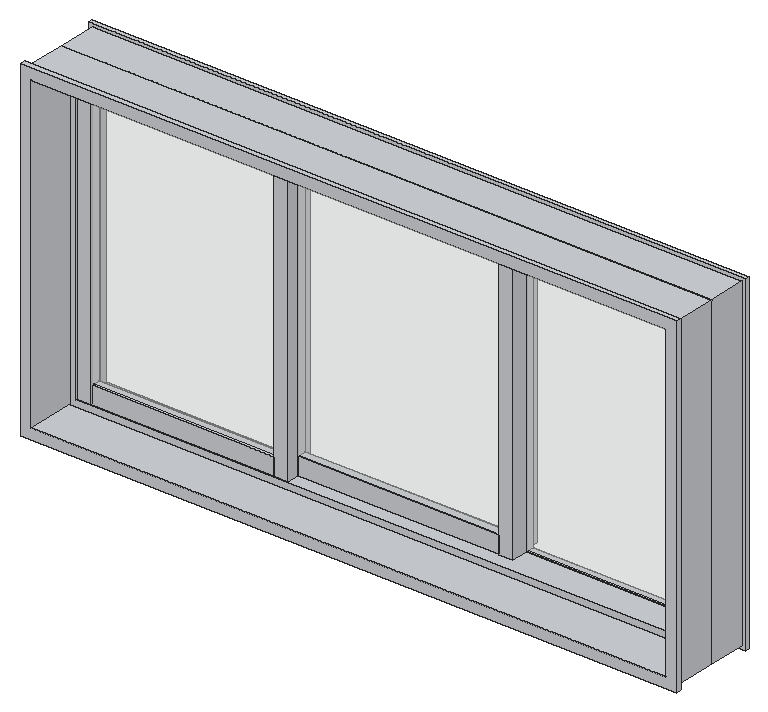
Revit family "APL Residential Thermal Heart Sliding Window SSF", category Windows, host Wall, Revit 2017 (continued)
Definition of nested family "APL Residential Thermal Heart Sliding Window SSF Horizontal Section"
  Definition of nested family "Heavy Duty Interlocker"
    Definition of nested family "65500_Interlocker Stile"
      Lines and regions (mm)
        model lines, in view "Ref. Level"
          curve 177: line (-4.4, 7.8, 0) -> (-4.4, 7.55, 0)
          curve 178: line (-3.831, 7.691, 0) -> (-2.577, 8.456, 0)
          curve 179: line (-2.577, 8.456, 0) -> (-1.9, 8.5, 0)
          curve 180: line (-1.706, 8.25, 0) -> (-1.894, 7.525, 0)
          curve 181: line (-1.894, 7.525, 0) -> (-1.9, 4.247, 0)
          curve 182: line (-2.154, 3.5, 0) -> (-4.221, 4.043, 0)
          curve 183: line (-4.221, 4.043, 0) -> (-4.407, 4.352, 0)
          curve 184: line (-4.741, 4.441, 0) -> (-5.105, 4.078, 0)
          curve 185: line (-5.192, 3.892, 0) -> (-5.399, 1.526, 0)
          curve 186: line (-4.997, 1.218, 0) -> (-3.587, 1.732, 0)
          curve 187: line (-2.817, 2, 0) -> (-2.1, 2, 0)
          curve 188: line (-1.9, 1.8, 0) -> (-1.9, 1, 0)
          curve 189: line (-0.9, 0, 0) -> (-0.5, 0, 0)
          curve 190: line (0, 0.5, 0) -> (0, 43, 0)
          curve 191: line (-1, 44, 0) -> (-52.375, 44, 0)
          curve 192: line (-52.375, 43.25, 0) -> (-52, 43.25, 0)
          curve 193: line (-52, 43.25, 0) -> (-52, 42.15, 0)
          curve 194: line (-51.8, 41.95, 0) -> (-50.962, 41.95, 0)
          curve 195: line (-50.962, 41.95, 0) -> (-50.962, 40.688, 0)
          curve 196: line (-50.797, 40.488, 0) -> (-49.444, 40.25, 0)
          curve 197: line (-49.444, 40.25, 0) -> (-48.613, 40.25, 0)
          curve 198: line (-48.42, 40.502, 0) -> (-48.808, 41.948, 0)
          curve 199: line (-48.615, 42.2, 0) -> (-33.498, 42.2, 0)
          curve 200: line (-32.998, 41.7, 0) -> (-32.998, 35.05, 0)
          curve 201: line (-32.798, 34.85, 0) -> (-26.398, 34.85, 0)
          curve 202: line (-26.198, 34.65, 0) -> (-26.198, 29.353, 0)
          curve 203: line (-26.398, 29.15, 0) -> (-32.798, 29.15, 0)
          curve 204: line (-32.998, 28.95, 0) -> (-32.998, 26.333, 0)
          curve 205: line (-33.266, 25.563, 0) -> (-33.78, 24.153, 0)
          curve 206: line (-33.472, 23.751, 0) -> (-31.106, 23.958, 0)
          curve 207: line (-30.92, 24.045, 0) -> (-30.556, 24.409, 0)
          curve 208: line (-30.646, 24.743, 0) -> (-30.813, 24.788, 0)
          curve 209: line (-30.813, 24.788, 0) -> (-31.487, 26.918, 0)
          curve 210: line (-31.487, 26.918, 0) -> (-31.498, 27.15, 0)
          curve 211: line (-30.75, 27.25, 0) -> (-27.523, 27.25, 0)
          curve 212: line (-27.523, 27.25, 0) -> (-26.748, 27.444, 0)
          curve 213: line (-26.498, 27.25, 0) -> (-26.498, 26.729, 0)
          curve 214: line (-26.498, 26.729, 0) -> (-27.307, 25.319, 0)
          curve 215: line (-27.448, 24.75, 0) -> (-25.098, 24.75, 0)
          curve 216: line (-24.598, 25.25, 0) -> (-24.598, 36.25, 0)
          curve 217: line (-24.798, 36.45, 0) -> (-31.197, 36.45, 0)
          curve 218: arc (-31.197, 36.45, 0) -> (-31.339, 36.508, 0) -> (-31.398, 36.65, 0) r 0.2
          curve 219: arc (-27.398, 12.45, 0) -> (-27.115, 12.567, 0) -> (-26.998, 12.85, 0) r 0.4
          curve 220: arc (-26.998, 13.143, 0) -> (-27.011, 13.246, 0) -> (-27.052, 13.343, 0) r 0.4
          curve 221: arc (-27.936, 14.871, 0) -> (-28.057, 15.161, 0) -> (-28.098, 15.472, 0) r 1.2
          curve 222: arc (-28.098, 16.395, 0) -> (-28.279, 16.968, 0) -> (-28.756, 17.334, 0) r 1
          curve 223: arc (-30.935, 18.127, 0) -> (-31.125, 18.274, 0) -> (-31.198, 18.503, 0) r 0.4
          curve 224: arc (-31.198, 21.197, 0) -> (-31.125, 21.426, 0) -> (-30.935, 21.573, 0) r 0.4
          curve 225: arc (-28.756, 22.366, 0) -> (-28.279, 22.732, 0) -> (-28.098, 23.305, 0) r 1
          curve 226: arc (-28.098, 24.228, 0) -> (-28.057, 24.539, 0) -> (-27.936, 24.829, 0) r 1.2
          curve 227: arc (-27.052, 26.357, 0) -> (-27.011, 26.454, 0) -> (-26.998, 26.557, 0) r 0.4
          curve 228: arc (-26.998, 26.85, 0) -> (-27.115, 27.133, 0) -> (-27.398, 27.25, 0) r 0.4
          curve 229: arc (-30.798, 27.25, 0) -> (-31.081, 27.133, 0) -> (-31.198, 26.85, 0) r 0.4
          curve 230: arc (-31.198, 26.557, 0) -> (-31.184, 26.454, 0) -> (-31.144, 26.357, 0) r 0.4
          curve 231: arc (-30.259, 24.829, 0) -> (-30.138, 24.535, 0) -> (-30.098, 24.22, 0) r 1.2
          curve 232: arc (-30.098, 24.22, 0) -> (-30.151, 24.045, 0) -> (-30.295, 23.934, 0) r 0.3
          curve 233: arc (-32.735, 23.046, 0) -> (-32.925, 22.899, 0) -> (-32.998, 22.67, 0) r 0.4
          curve 234: arc (-32.998, 17.03, 0) -> (-32.925, 16.801, 0) -> (-32.735, 16.654, 0) r 0.4
          curve 235: arc (-30.295, 15.766, 0) -> (-30.151, 15.655, 0) -> (-30.098, 15.48, 0) r 0.3
          curve 236: arc (-30.098, 15.48, 0) -> (-30.138, 15.165, 0) -> (-30.259, 14.871, 0) r 1.2
          curve 237: arc (-31.144, 13.343, 0) -> (-31.184, 13.246, 0) -> (-31.198, 13.143, 0) r 0.4
          curve 238: arc (-31.198, 12.85, 0) -> (-31.081, 12.567, 0) -> (-30.798, 12.45, 0) r 0.4
          curve 239: line (-26.998, 12.85, 0) -> (-26.998, 13.143, 0)
          curve 240: line (-27.052, 13.343, 0) -> (-27.936, 14.871, 0)
          curve 241: line (-28.098, 15.472, 0) -> (-28.098, 16.395, 0)
          curve 242: line (-28.756, 17.334, 0) -> (-30.935, 18.127, 0)
          curve 243: line (-31.198, 18.503, 0) -> (-31.198, 21.197, 0)
          curve 244: line (-30.935, 21.573, 0) -> (-28.756, 22.366, 0)
          curve 245: line (-28.098, 23.305, 0) -> (-28.098, 24.228, 0)
          curve 246: line (-27.936, 24.829, 0) -> (-27.052, 26.357, 0)
          curve 247: line (-26.998, 26.557, 0) -> (-26.998, 26.85, 0)
          curve 248: line (-27.398, 27.25, 0) -> (-30.798, 27.25, 0)
          curve 249: line (-31.198, 26.85, 0) -> (-31.198, 26.557, 0)
          curve 250: line (-31.144, 26.357, 0) -> (-30.259, 24.829, 0)
          curve 251: line (-30.295, 23.934, 0) -> (-32.735, 23.046, 0)
          curve 252: line (-32.998, 22.67, 0) -> (-32.998, 17.03, 0)
          curve 253: line (-32.735, 16.654, 0) -> (-30.295, 15.766, 0)
          curve 254: line (-30.259, 14.871, 0) -> (-31.144, 13.343, 0)
          curve 255: line (-31.198, 13.143, 0) -> (-31.198, 12.85, 0)
          curve 256: line (-30.798, 12.45, 0) -> (-27.398, 12.45, 0)
          curve 257: arc (-16.7, 4.122, 0) -> (-16.583, 3.839, 0) -> (-16.3, 3.722, 0) r 0.4
          curve 258: arc (-16.007, 3.722, 0) -> (-15.904, 3.736, 0) -> (-15.807, 3.776, 0) r 0.4
          curve 259: arc (-14.279, 4.66, 0) -> (-13.989, 4.781, 0) -> (-13.678, 4.822, 0) r 1.2
          curve 260: arc (-12.755, 4.822, 0) -> (-12.182, 5.003, 0) -> (-11.816, 5.48, 0) r 1
          curve 261: arc (-11.023, 7.659, 0) -> (-10.876, 7.849, 0) -> (-10.647, 7.922, 0) r 0.4
          curve 262: arc (-7.953, 7.922, 0) -> (-7.724, 7.849, 0) -> (-7.577, 7.659, 0) r 0.4
          curve 263: arc (-6.784, 5.48, 0) -> (-6.418, 5.003, 0) -> (-5.845, 4.822, 0) r 1
          curve 264: arc (-4.922, 4.822, 0) -> (-4.611, 4.781, 0) -> (-4.321, 4.66, 0) r 1.2
          curve 265: arc (-2.793, 3.776, 0) -> (-2.696, 3.736, 0) -> (-2.593, 3.722, 0) r 0.4
          curve 266: arc (-2.3, 3.722, 0) -> (-2.017, 3.839, 0) -> (-1.9, 4.122, 0) r 0.4
          curve 267: arc (-1.9, 7.522, 0) -> (-2.017, 7.805, 0) -> (-2.3, 7.922, 0) r 0.4
          curve 268: arc (-2.593, 7.922, 0) -> (-2.696, 7.908, 0) -> (-2.793, 7.868, 0) r 0.4
          curve 269: arc (-4.321, 6.983, 0) -> (-4.615, 6.862, 0) -> (-4.93, 6.822, 0) r 1.2
          curve 270: arc (-4.93, 6.822, 0) -> (-5.105, 6.875, 0) -> (-5.216, 7.019, 0) r 0.3
          curve 271: arc (-6.104, 9.459, 0) -> (-6.251, 9.649, 0) -> (-6.48, 9.722, 0) r 0.4
          curve 272: arc (-12.12, 9.722, 0) -> (-12.349, 9.649, 0) -> (-12.496, 9.459, 0) r 0.4
          curve 273: arc (-13.384, 7.019, 0) -> (-13.495, 6.875, 0) -> (-13.67, 6.822, 0) r 0.3
          curve 274: arc (-13.67, 6.822, 0) -> (-13.985, 6.862, 0) -> (-14.279, 6.983, 0) r 1.2
          curve 275: arc (-15.807, 7.868, 0) -> (-15.904, 7.908, 0) -> (-16.007, 7.922, 0) r 0.4
          curve 276: arc (-16.3, 7.922, 0) -> (-16.583, 7.805, 0) -> (-16.7, 7.522, 0) r 0.4
          curve 277: line (-16.3, 3.722, 0) -> (-16.007, 3.722, 0)
          curve 278: line (-15.807, 3.776, 0) -> (-14.279, 4.66, 0)
          curve 279: line (-13.678, 4.822, 0) -> (-12.755, 4.822, 0)
          curve 280: line (-11.816, 5.48, 0) -> (-11.023, 7.659, 0)
          curve 281: line (-10.647, 7.922, 0) -> (-7.953, 7.922, 0)
          curve 282: line (-7.577, 7.659, 0) -> (-6.784, 5.48, 0)
          curve 283: line (-5.845, 4.822, 0) -> (-4.922, 4.822, 0)
          curve 284: line (-4.321, 4.66, 0) -> (-2.793, 3.776, 0)
          curve 285: line (-2.593, 3.722, 0) -> (-2.3, 3.722, 0)
          curve 286: line (-1.9, 4.122, 0) -> (-1.9, 7.522, 0)
          curve 287: line (-2.3, 7.922, 0) -> (-2.593, 7.922, 0)
          curve 288: line (-2.793, 7.868, 0) -> (-4.321, 6.983, 0)
          curve 289: line (-5.216, 7.019, 0) -> (-6.104, 9.459, 0)
          curve 290: line (-6.48, 9.722, 0) -> (-12.12, 9.722, 0)
          curve 291: line (-12.496, 9.459, 0) -> (-13.384, 7.019, 0)
          curve 292: line (-14.279, 6.983, 0) -> (-15.807, 7.868, 0)
          curve 293: line (-16.007, 7.922, 0) -> (-16.3, 7.922, 0)
          curve 294: line (-16.7, 7.522, 0) -> (-16.7, 4.122, 0)
      Text (mm)
        text "65500" at (-34.845, 58.95, 0), in view "Ref. Level"
    Definition of nested family "65430_Interlocker Mullion"
      Reference planes
        plane 1 "Center (Front/Back)": y = 0
        plane 2: z = 0
        plane 3 "Center (Left/Right)": x = 0
      Lines and regions (mm)
        model lines, in view "Ref. Level"
          curve 1: arc (-22, -68.499, 0) -> (-21.854, -68.853, 0) -> (-21.5, -69, 0) r 0.5
          curve 2: arc (-18.7, -69, 0) -> (-18.346, -69.146, 0) -> (-18.2, -69.5, 0) r 0.5
          curve 3: arc (-18.2, -70, 0) -> (-18.346, -70.354, 0) -> (-18.7, -70.5, 0) r 0.5
          curve 4: arc (-20.5, -70.5, 0) -> (-21.207, -70.793, 0) -> (-21.5, -71.5, 0) r 1
          curve 5: arc (-21.5, -103, 0) -> (-21.207, -103.707, 0) -> (-20.5, -104, 0) r 1
          curve 6: arc (-2.5, -104, 0) -> (-1.793, -103.707, 0) -> (-1.5, -103, 0) r 1
          curve 7: arc (-2.139, -60.635, 0) -> (-2.453, -59.97, 0) -> (-3.137, -59.7, 0) r 1
          curve 8: arc (-21.001, -59.7, 0) -> (-21.707, -59.993, 0) -> (-22, -60.7, 0) r 1
          curve 9: arc (-2.656, -39.952, 0) -> (-2.153, -39.947, 0) -> (-1.9, -40.381, 0) r 0.5
          curve 10: arc (-2.144, -56.86, 0) -> (-2.456, -57.528, 0) -> (-3.142, -57.8, 0) r 1
          curve 11: arc (-24.1, -57.8, 0) -> (-24.454, -57.654, 0) -> (-24.6, -57.3, 0) r 0.5
          curve 12: arc (-24.6, -55.802, 0) -> (-24.746, -55.447, 0) -> (-25.1, -55.3, 0) r 0.5
          curve 13: arc (-27.449, -55.3, 0) -> (-27.668, -55.427, 0) -> (-27.663, -55.68, 0) r 0.25
          curve 14: arc (-27.611, -55.766, 0) -> (-27.479, -55.872, 0) -> (-27.309, -55.869, 0) r 0.25
          curve 15: arc (-26.544, -57.122, 0) -> (-26.511, -57.198, 0) -> (-26.5, -57.279, 0) r 0.3
          curve 16: arc (-26.5, -57.8, 0) -> (-26.578, -57.958, 0) -> (-26.75, -57.994, 0) r 0.2
          curve 17: arc (-30.753, -57.8, 0) -> (-30.875, -57.826, 0) -> (-30.976, -57.9, 0) r 0.3
          curve 18: arc (-30.976, -57.9, 0) -> (-31.307, -57.98, 0) -> (-31.5, -57.7, 0) r 0.3
          curve 19: arc (-30.957, -55.479, 0) -> (-30.905, -55.39, 0) -> (-30.816, -55.338, 0) r 0.2
          curve 20: arc (-30.648, -55.293, 0) -> (-30.507, -55.152, 0) -> (-30.559, -54.959, 0) r 0.2
          curve 21: arc (-30.922, -54.595, 0) -> (-31.008, -54.535, 0) -> (-31.108, -54.508, 0) r 0.3
          curve 22: arc (-33.474, -54.301, 0) -> (-33.738, -54.417, 0) -> (-33.782, -54.703, 0) r 0.3
          curve 23: arc (-33.268, -56.113, 0) -> (-33.181, -56.239, 0) -> (-33.043, -56.305, 0) r 0.3
          curve 24: arc (-33.043, -56.305, 0) -> (-32.801, -56.578, 0) -> (-33, -56.883, 0) r 0.3
          curve 25: arc (-33, -61, 0) -> (-32.941, -61.141, 0) -> (-32.8, -61.2, 0) r 0.2
          curve 26: arc (-32.5, -61.2, 0) -> (-32.2, -61.12, 0) -> (-31.98, -60.9, 0) r 0.6
          curve 27: arc (-31.345, -59.8, 0) -> (-31.272, -59.727, 0) -> (-31.172, -59.7, 0) r 0.2
          curve 28: arc (-25, -59.7, 0) -> (-24.293, -59.993, 0) -> (-24, -60.7, 0) r 1
          curve 29: arc (-24, -68.037, 0) -> (-24.286, -68.737, 0) -> (-24.98, -69.037, 0) r 1
          curve 30: arc (-31.935, -69.178, 0) -> (-32.052, -69.143, 0) -> (-32.127, -69.047, 0) r 0.2
          curve 31: arc (-32.127, -69.047, 0) -> (-32.234, -68.879, 0) -> (-32.403, -68.775, 0) r 0.45
          curve 32: arc (-32.403, -68.775, 0) -> (-32.522, -68.771, 0) -> (-32.621, -68.835, 0) r 0.2
          curve 33: arc (-33, -70.3, 0) -> (-32.941, -70.441, 0) -> (-32.8, -70.5, 0) r 0.2
          curve 34: arc (-23.2, -70.5, 0) -> (-23.059, -70.559, 0) -> (-23, -70.7, 0) r 0.2
          curve 35: arc (-23, -107, 0) -> (-22.414, -108.414, 0) -> (-21, -109, 0) r 2
          curve 36: arc (-2, -109, 0) -> (-0.586, -108.414, 0) -> (0, -107, 0) r 2
          curve 37: arc (0, -0.2, 0) -> (-0.059, -0.059, 0) -> (-0.2, 0, 0) r 0.2
          curve 38: arc (-0.8, 0, 0) -> (-0.941, -0.059, 0) -> (-1, -0.2, 0) r 0.2
          curve 39: arc (-1, -0.8, 0) -> (-1.059, -0.941, 0) -> (-1.2, -1, 0) r 0.2
          curve 40: arc (-8.75, -1, 0) -> (-9.25, -1.5, 0) -> (-8.75, -2, 0) r 0.5
          curve 41: arc (-7.85, -2, 0) -> (-7.709, -2.059, 0) -> (-7.65, -2.2, 0) r 0.2
          curve 42: arc (-7.65, -3.3, 0) -> (-7.709, -3.441, 0) -> (-7.85, -3.5, 0) r 0.2
          curve 43: arc (-15.15, -3.5, 0) -> (-15.291, -3.441, 0) -> (-15.35, -3.3, 0) r 0.2
          curve 44: arc (-15.35, -2.2, 0) -> (-15.291, -2.059, 0) -> (-15.15, -2, 0) r 0.2
          curve 45: arc (-14.25, -2, 0) -> (-13.75, -1.5, 0) -> (-14.25, -1, 0) r 0.5
          curve 46: arc (-14.85, -1, 0) -> (-15.204, -0.854, 0) -> (-15.35, -0.5, 0) r 0.5
          curve 47: arc (-15.35, -0.5, 0) -> (-15.496, -0.146, 0) -> (-15.85, 0, 0) r 0.5
          curve 48: arc (-30.65, 0, 0) -> (-31.399, -0.721, 0) -> (-30.709, -1.498, 0) r 0.75
          curve 49: arc (-20.534, -2.423, 0) -> (-20.403, -2.487, 0) -> (-20.35, -2.623, 0) r 0.2
          curve 50: arc (-20.35, -3.25, 0) -> (-19.85, -3.75, 0) -> (-19.35, -3.25, 0) r 0.5
          curve 51: arc (-19.35, -2.7, 0) -> (-19.291, -2.559, 0) -> (-19.15, -2.5, 0) r 0.2
          curve 52: arc (-18.05, -2.5, 0) -> (-17.909, -2.559, 0) -> (-17.85, -2.7, 0) r 0.2
          curve 53: arc (-17.85, -7.8, 0) -> (-17.909, -7.941, 0) -> (-18.05, -8, 0) r 0.2
          curve 54: arc (-19.15, -8, 0) -> (-19.291, -7.941, 0) -> (-19.35, -7.8, 0) r 0.2
          curve 55: arc (-19.35, -7.25, 0) -> (-19.85, -6.75, 0) -> (-20.35, -7.25, 0) r 0.5
          curve 56: arc (-20.35, -7.85, 0) -> (-20.409, -7.991, 0) -> (-20.55, -8.05, 0) r 0.2
          curve 57: arc (-36.217, -8.05, 0) -> (-36.522, -8.249, 0) -> (-36.795, -8.007, 0) r 0.3
          curve 58: arc (-36.795, -8.007, 0) -> (-36.861, -7.869, 0) -> (-36.987, -7.782, 0) r 0.3
          curve 59: arc (-38.397, -7.268, 0) -> (-38.683, -7.312, 0) -> (-38.799, -7.576, 0) r 0.3
          curve 60: arc (-38.592, -9.942, 0) -> (-38.565, -10.042, 0) -> (-38.505, -10.128, 0) r 0.3
          curve 61: arc (-38.141, -10.491, 0) -> (-37.948, -10.543, 0) -> (-37.807, -10.402, 0) r 0.2
          curve 62: arc (-37.762, -10.234, 0) -> (-37.71, -10.145, 0) -> (-37.621, -10.093, 0) r 0.2
          curve 63: arc (-35.4, -9.55, 0) -> (-35.12, -9.743, 0) -> (-35.2, -10.074, 0) r 0.3
          curve 64: arc (-35.2, -10.074, 0) -> (-35.274, -10.175, 0) -> (-35.3, -10.297, 0) r 0.3
          curve 65: arc (-35.106, -14.3, 0) -> (-35.142, -14.472, 0) -> (-35.3, -14.55, 0) r 0.2
          curve 66: arc (-35.821, -14.55, 0) -> (-35.902, -14.539, 0) -> (-35.977, -14.506, 0) r 0.3
          curve 67: arc (-37.231, -13.741, 0) -> (-37.228, -13.571, 0) -> (-37.334, -13.439, 0) r 0.25
          curve 68: arc (-37.42, -13.387, 0) -> (-37.672, -13.382, 0) -> (-37.8, -13.6, 0) r 0.25
          curve 69: arc (-37.8, -15.625, 0) -> (-37.774, -15.722, 0) -> (-37.704, -15.795, 0) r 0.2
          curve 70: arc (-36.751, -16.377, 0) -> (-36.626, -16.431, 0) -> (-36.491, -16.45, 0) r 0.5
          curve 71: arc (-33.9, -16.45, 0) -> (-33.546, -16.304, 0) -> (-33.4, -15.95, 0) r 0.5
          curve 72: arc (-33.4, -11.051, 0) -> (-33.254, -10.697, 0) -> (-32.9, -10.55, 0) r 0.5
          curve 73: arc (-18.052, -10.55, 0) -> (-16.142, -9.76, 0) -> (-15.35, -7.85, 0) r 2.7
          curve 74: arc (-15.35, -6.2, 0) -> (-15.291, -6.059, 0) -> (-15.15, -6, 0) r 0.2
          curve 75: arc (-7.85, -6, 0) -> (-6.162, -5.408, 0) -> (-5.215, -3.891, 0) r 2.7
          curve 76: arc (-5.215, -3.891, 0) -> (-5.04, -3.61, 0) -> (-4.727, -3.5, 0) r 0.5
          curve 77: arc (-2.4, -3.5, 0) -> (-2.046, -3.646, 0) -> (-1.9, -4, 0) r 0.5
          curve 78: line (-22, -60.7, 0) -> (-22, -68.499, 0)
          curve 79: line (-21.5, -69, 0) -> (-18.7, -69, 0)
          curve 80: line (-18.2, -69.5, 0) -> (-18.2, -70, 0)
          curve 81: line (-18.7, -70.5, 0) -> (-20.5, -70.5, 0)
          curve 82: line (-21.5, -71.5, 0) -> (-21.5, -103, 0)
          curve 83: line (-20.5, -104, 0) -> (-2.5, -104, 0)
          curve 84: line (-1.5, -103, 0) -> (-1.5, -70.5, 0)
          curve 85: line (-1.5, -70.5, 0) -> (-2.139, -60.635, 0)
          curve 86: line (-3.137, -59.7, 0) -> (-21.001, -59.7, 0)
          curve 87: line (-1.9, -40.381, 0) -> (-1.9, -52.8, 0)
          curve 88: line (-1.9, -52.8, 0) -> (-2.144, -56.86, 0)
          curve 89: line (-3.142, -57.8, 0) -> (-24.1, -57.8, 0)
          curve 90: line (-24.6, -57.3, 0) -> (-24.6, -55.802, 0)
          curve 91: line (-25.1, -55.3, 0) -> (-27.449, -55.3, 0)
          curve 92: line (-27.309, -55.869, 0) -> (-26.544, -57.122, 0)
          curve 93: line (-26.544, -57.122, 0) -> (-26.5, -57.8, 0)
          curve 94: line (-26.75, -57.994, 0) -> (-27.475, -57.806, 0)
          curve 95: line (-27.475, -57.806, 0) -> (-30.753, -57.8, 0)
          curve 96: line (-31.5, -57.546, 0) -> (-30.957, -55.479, 0)
          curve 97: line (-30.957, -55.479, 0) -> (-30.648, -55.293, 0)
          curve 98: line (-30.559, -54.959, 0) -> (-30.922, -54.595, 0)
          curve 99: line (-31.108, -54.508, 0) -> (-33.474, -54.301, 0)
          curve 100: line (-33.782, -54.703, 0) -> (-33.268, -56.113, 0)
          curve 101: line (-33, -56.883, 0) -> (-33, -61, 0)
          curve 102: line (-32.8, -61.2, 0) -> (-32.5, -61.2, 0)
          curve 103: line (-31.98, -60.9, 0) -> (-31.345, -59.8, 0)
          curve 104: line (-31.172, -59.7, 0) -> (-25, -59.7, 0)
          curve 105: line (-24, -60.7, 0) -> (-24, -68.037, 0)
          curve 106: line (-24.98, -69.037, 0) -> (-31.935, -69.178, 0)
          curve 107: line (-32.621, -68.835, 0) -> (-32.953, -69.231, 0)
          curve 108: line (-32.953, -69.231, 0) -> (-33, -70.3, 0)
          curve 109: line (-32.8, -70.5, 0) -> (-23.2, -70.5, 0)
          curve 110: line (-23, -70.7, 0) -> (-23, -107, 0)
          curve 111: line (-21, -109, 0) -> (-2, -109, 0)
          curve 112: line (0, -107, 0) -> (0, -0.2, 0)
          curve 113: line (-0.2, 0, 0) -> (-0.8, 0, 0)
          curve 114: line (-1, -0.2, 0) -> (-1, -0.8, 0)
          curve 115: line (-1.2, -1, 0) -> (-8.75, -1, 0)
          curve 116: line (-8.75, -2, 0) -> (-7.85, -2, 0)
          curve 117: line (-7.65, -2.2, 0) -> (-7.65, -3.3, 0)
          curve 118: line (-7.85, -3.5, 0) -> (-15.15, -3.5, 0)
          curve 119: line (-15.35, -3.3, 0) -> (-15.35, -2.2, 0)
          curve 120: line (-15.15, -2, 0) -> (-14.25, -2, 0)
          curve 121: line (-14.25, -1, 0) -> (-14.85, -1, 0)
          curve 122: line (-15.85, 0, 0) -> (-30.65, 0, 0)
          curve 123: line (-30.709, -1.498, 0) -> (-20.534, -2.423, 0)
          curve 124: line (-20.35, -2.623, 0) -> (-20.35, -3.25, 0)
          curve 125: line (-19.35, -3.25, 0) -> (-19.35, -2.7, 0)
          curve 126: line (-19.15, -2.5, 0) -> (-18.05, -2.5, 0)
          curve 127: line (-17.85, -2.7, 0) -> (-17.85, -7.8, 0)
          curve 128: line (-18.05, -8, 0) -> (-19.15, -8, 0)
          curve 129: line (-19.35, -7.8, 0) -> (-19.35, -7.25, 0)
          curve 130: line (-20.35, -7.25, 0) -> (-20.35, -7.85, 0)
          curve 131: line (-20.55, -8.05, 0) -> (-36.217, -8.05, 0)
          curve 132: line (-36.987, -7.782, 0) -> (-38.397, -7.268, 0)
          curve 133: line (-38.799, -7.576, 0) -> (-38.592, -9.942, 0)
          curve 134: line (-38.505, -10.128, 0) -> (-38.141, -10.491, 0)
          curve 135: line (-37.807, -10.402, 0) -> (-37.762, -10.234, 0)
          curve 136: line (-37.762, -10.234, 0) -> (-35.632, -9.56, 0)
          curve 137: line (-35.632, -9.56, 0) -> (-35.4, -9.55, 0)
          curve 138: line (-35.3, -10.297, 0) -> (-35.3, -13.525, 0)
          curve 139: line (-35.3, -13.525, 0) -> (-35.106, -14.3, 0)
          curve 140: line (-35.3, -14.55, 0) -> (-35.821, -14.55, 0)
          curve 141: line (-35.821, -14.55, 0) -> (-37.231, -13.741, 0)
          curve 142: line (-37.8, -13.6, 0) -> (-37.8, -15.625, 0)
          curve 143: line (-37.704, -15.795, 0) -> (-36.751, -16.377, 0)
          curve 144: line (-36.491, -16.45, 0) -> (-33.9, -16.45, 0)
          curve 145: line (-33.4, -15.95, 0) -> (-33.4, -11.051, 0)
          curve 146: line (-32.9, -10.55, 0) -> (-18.052, -10.55, 0)
          curve 147: line (-15.35, -7.85, 0) -> (-15.35, -6.2, 0)
          curve 148: line (-15.15, -6, 0) -> (-7.85, -6, 0)
          curve 149: line (-4.727, -3.5, 0) -> (-2.4, -3.5, 0)
          curve 150: line (-1.9, -4, 0) -> (-1.9, -32.819, 0)
          curve 151: arc (-1.9, -32.819, 0) -> (-2.153, -33.253, 0) -> (-2.656, -33.248, 0) r 0.5
          curve 152: arc (-2.656, -33.248, 0) -> (-5.107, -32.727, 0) -> (-7.37, -33.805, 0) r 3.9
          curve 153: arc (-7.37, -33.805, 0) -> (-7.387, -35.078, 0) -> (-6.115, -35.095, 0) r 0.9
          curve 154: arc (-6.115, -35.095, 0) -> (-4.65, -34.5, 0) -> (-3.185, -35.095, 0) r 2.1
          curve 155: arc (-3.185, -35.095, 0) -> (-3.023, -35.22, 0) -> (-2.836, -35.306, 0) r 0.9
          curve 156: arc (-2.836, -35.306, 0) -> (-2.664, -35.403, 0) -> (-2.543, -35.56, 0) r 0.5
          curve 157: arc (-2.543, -35.56, 0) -> (-2.3, -36.6, 0) -> (-2.543, -37.64, 0) r 2.35
          curve 158: arc (-2.543, -37.64, 0) -> (-2.664, -37.797, 0) -> (-2.836, -37.894, 0) r 0.5
          curve 159: arc (-2.836, -37.894, 0) -> (-3.023, -37.98, 0) -> (-3.185, -38.105, 0) r 0.9
          curve 160: arc (-3.185, -38.105, 0) -> (-4.65, -38.7, 0) -> (-6.115, -38.105, 0) r 2.1
          curve 161: arc (-6.115, -38.105, 0) -> (-7.387, -38.122, 0) -> (-7.37, -39.395, 0) r 0.9
          curve 162: arc (-7.37, -39.395, 0) -> (-5.107, -40.473, 0) -> (-2.656, -39.952, 0) r 3.9
          curve 163: arc (-24.6, -45, 0) -> (-24.746, -45.354, 0) -> (-25.1, -45.5, 0) r 0.5
          curve 164: arc (-27.45, -45.5, 0) -> (-27.668, -45.372, 0) -> (-27.663, -45.12, 0) r 0.25
          curve 165: arc (-27.611, -45.034, 0) -> (-27.479, -44.928, 0) -> (-27.309, -44.931, 0) r 0.25
          curve 166: arc (-26.544, -43.677, 0) -> (-26.511, -43.602, 0) -> (-26.5, -43.521, 0) r 0.3
          curve 167: arc (-26.5, -43, 0) -> (-26.578, -42.842, 0) -> (-26.75, -42.806, 0) r 0.2
          curve 168: arc (-30.753, -43, 0) -> (-30.875, -42.974, 0) -> (-30.976, -42.9, 0) r 0.3
          curve 169: arc (-30.976, -42.9, 0) -> (-31.307, -42.82, 0) -> (-31.5, -43.1, 0) r 0.3
          curve 170: arc (-30.957, -45.321, 0) -> (-30.905, -45.41, 0) -> (-30.816, -45.462, 0) r 0.2
          curve 171: arc (-30.648, -45.507, 0) -> (-30.507, -45.648, 0) -> (-30.559, -45.841, 0) r 0.2
          curve 172: arc (-30.922, -46.205, 0) -> (-31.008, -46.265, 0) -> (-31.108, -46.292, 0) r 0.3
          curve 173: arc (-33.474, -46.499, 0) -> (-33.738, -46.383, 0) -> (-33.782, -46.097, 0) r 0.3
          curve 174: arc (-33.268, -44.687, 0) -> (-33.181, -44.561, 0) -> (-33.043, -44.495, 0) r 0.3
          curve 175: arc (-33.043, -44.495, 0) -> (-32.801, -44.222, 0) -> (-33, -43.917, 0) r 0.3
          curve 176: arc (-33, -26.1, 0) -> (-33.059, -25.959, 0) -> (-33.2, -25.9, 0) r 0.2
          curve 177: arc (-44.5, -27, 0) -> (-44.793, -27.707, 0) -> (-45.5, -28, 0) r 1
          curve 178: arc (-46.25, -28, 0) -> (-46.749, -27.5, 0) -> (-46.25, -27, 0) r 0.5
          curve 179: arc (-50.25, -27, 0) -> (-49.749, -27.5, 0) -> (-50.25, -28, 0) r 0.5
          curve 180: arc (-51.8, -28, 0) -> (-51.941, -27.941, 0) -> (-52, -27.8, 0) r 0.2
          curve 181: arc (-52, -8.552, 0) -> (-51.854, -8.197, 0) -> (-51.5, -8.05, 0) r 0.5
          curve 182: arc (-49.183, -8.05, 0) -> (-48.878, -8.249, 0) -> (-48.605, -8.007, 0) r 0.3
          curve 183: arc (-48.605, -8.007, 0) -> (-48.539, -7.869, 0) -> (-48.413, -7.782, 0) r 0.3
          curve 184: arc (-47.003, -7.268, 0) -> (-46.717, -7.312, 0) -> (-46.601, -7.576, 0) r 0.3
          curve 185: arc (-46.808, -9.942, 0) -> (-46.835, -10.042, 0) -> (-46.895, -10.128, 0) r 0.3
          curve 186: arc (-47.259, -10.491, 0) -> (-47.452, -10.543, 0) -> (-47.593, -10.402, 0) r 0.2
          curve 187: arc (-47.638, -10.234, 0) -> (-47.69, -10.145, 0) -> (-47.779, -10.093, 0) r 0.2
          curve 188: arc (-50, -9.55, 0) -> (-50.28, -9.743, 0) -> (-50.2, -10.074, 0) r 0.3
          curve 189: arc (-50.2, -10.074, 0) -> (-50.126, -10.175, 0) -> (-50.1, -10.297, 0) r 0.3
          curve 190: arc (-50.294, -14.3, 0) -> (-50.258, -14.472, 0) -> (-50.1, -14.55, 0) r 0.2
          curve 191: arc (-49.579, -14.55, 0) -> (-49.498, -14.539, 0) -> (-49.423, -14.506, 0) r 0.3
          curve 192: arc (-48.169, -13.741, 0) -> (-48.172, -13.571, 0) -> (-48.066, -13.439, 0) r 0.25
          curve 193: arc (-47.98, -13.387, 0) -> (-47.728, -13.382, 0) -> (-47.6, -13.6, 0) r 0.25
          curve 194: arc (-47.6, -15.625, 0) -> (-47.626, -15.722, 0) -> (-47.696, -15.795, 0) r 0.2
          curve 195: arc (-50.261, -17.361, 0) -> (-50.436, -17.543, 0) -> (-50.5, -17.788, 0) r 0.5
          curve 196: arc (-50.5, -23.5, 0) -> (-50.354, -23.854, 0) -> (-50, -24, 0) r 0.5
          curve 197: arc (-45.5, -24, 0) -> (-44.986, -24.091, 0) -> (-44.533, -24.353, 0) r 1.5
          curve 198: arc (-33.2, -24.4, 0) -> (-31.998, -24.898, 0) -> (-31.5, -26.1, 0) r 1.7
          curve 199: line (-24.6, -43, 0) -> (-24.6, -45, 0)
          curve 200: line (-25.1, -45.5, 0) -> (-27.45, -45.5, 0)
          curve 201: line (-27.309, -44.931, 0) -> (-26.544, -43.677, 0)
          curve 202: line (-26.544, -43.677, 0) -> (-26.5, -43, 0)
          curve 203: line (-26.75, -42.806, 0) -> (-27.475, -42.994, 0)
          curve 204: line (-27.475, -42.994, 0) -> (-30.753, -43, 0)
          curve 205: line (-31.5, -43.254, 0) -> (-30.957, -45.321, 0)
          curve 206: line (-30.957, -45.321, 0) -> (-30.648, -45.507, 0)
          curve 207: line (-30.559, -45.841, 0) -> (-30.922, -46.205, 0)
          curve 208: line (-31.108, -46.292, 0) -> (-33.474, -46.499, 0)
          curve 209: line (-33.782, -46.097, 0) -> (-33.268, -44.687, 0)
          curve 210: line (-33, -43.917, 0) -> (-33, -37, 0)
          curve 211: line (-33, -37, 0) -> (-32.6, -36.6, 0)
          curve 212: line (-32.6, -36.6, 0) -> (-33, -36.2, 0)
          curve 213: line (-33, -36.2, 0) -> (-33, -26.1, 0)
          curve 214: line (-33.2, -25.9, 0) -> (-44.5, -25.9, 0)
          curve 215: line (-44.5, -25.9, 0) -> (-44.5, -27, 0)
          curve 216: line (-45.5, -28, 0) -> (-46.25, -28, 0)
          curve 217: line (-46.25, -27, 0) -> (-45.5, -27, 0)
          curve 218: line (-45.5, -27, 0) -> (-45.5, -25.5, 0)
          curve 219: line (-45.5, -25.5, 0) -> (-51, -25.5, 0)
          curve 220: line (-51, -25.5, 0) -> (-51, -27, 0)
          curve 221: line (-51, -27, 0) -> (-50.25, -27, 0)
          curve 222: line (-50.25, -28, 0) -> (-51.8, -28, 0)
          curve 223: line (-52, -27.8, 0) -> (-52, -8.552, 0)
          curve 224: line (-51.5, -8.05, 0) -> (-49.183, -8.05, 0)
          curve 225: line (-48.413, -7.782, 0) -> (-47.003, -7.268, 0)
          curve 226: line (-46.601, -7.576, 0) -> (-46.808, -9.942, 0)
          curve 227: line (-46.895, -10.128, 0) -> (-47.259, -10.491, 0)
          curve 228: line (-47.593, -10.402, 0) -> (-47.638, -10.234, 0)
          curve 229: line (-47.638, -10.234, 0) -> (-49.768, -9.56, 0)
          curve 230: line (-49.768, -9.56, 0) -> (-50, -9.55, 0)
          curve 231: line (-50.1, -10.297, 0) -> (-50.1, -13.525, 0)
          curve 232: line (-50.1, -13.525, 0) -> (-50.294, -14.3, 0)
          curve 233: line (-50.1, -14.55, 0) -> (-49.579, -14.55, 0)
          curve 234: line (-49.579, -14.55, 0) -> (-48.169, -13.741, 0)
          curve 235: line (-47.6, -13.6, 0) -> (-47.6, -15.625, 0)
          curve 236: line (-47.696, -15.795, 0) -> (-50.261, -17.361, 0)
          curve 237: line (-50.5, -17.788, 0) -> (-50.5, -23.5, 0)
          curve 238: line (-50, -24, 0) -> (-45.5, -24, 0)
          curve 239: line (-44.405, -24.4, 0) -> (-33.2, -24.4, 0)
          curve 240: line (-31.5, -26.1, 0) -> (-31.5, -33.014, 0)
          curve 241: arc (-31.5, -33.014, 0) -> (-31.229, -33.459, 0) -> (-30.71, -33.422, 0) r 0.5
          curve 242: arc (-30.71, -33.422, 0) -> (-28.151, -32.711, 0) -> (-25.73, -33.805, 0) r 3.9
          curve 243: arc (-25.73, -33.805, 0) -> (-25.713, -35.078, 0) -> (-26.985, -35.095, 0) r 0.9
          curve 244: arc (-26.985, -35.095, 0) -> (-28.45, -34.5, 0) -> (-29.915, -35.095, 0) r 2.1
          curve 245: arc (-29.915, -35.095, 0) -> (-30.077, -35.22, 0) -> (-30.264, -35.306, 0) r 0.9
          curve 246: arc (-30.264, -35.306, 0) -> (-30.436, -35.403, 0) -> (-30.557, -35.56, 0) r 0.5
          curve 247: arc (-30.557, -35.56, 0) -> (-30.8, -36.6, 0) -> (-30.557, -37.64, 0) r 2.35
          curve 248: arc (-30.557, -37.64, 0) -> (-30.436, -37.797, 0) -> (-30.264, -37.894, 0) r 0.5
          curve 249: arc (-30.264, -37.894, 0) -> (-30.077, -37.98, 0) -> (-29.915, -38.105, 0) r 0.9
          curve 250: arc (-29.915, -38.105, 0) -> (-28.45, -38.7, 0) -> (-26.985, -38.105, 0) r 2.1
          curve 251: arc (-26.985, -38.105, 0) -> (-25.713, -38.122, 0) -> (-25.73, -39.395, 0) r 0.9
          curve 252: arc (-25.73, -39.395, 0) -> (-26.113, -39.722, 0) -> (-26.534, -39.997, 0) r 3.9
          curve 253: arc (-26.534, -39.997, 0) -> (-26.781, -40.521, 0) -> (-26.368, -40.926, 0) r 0.5
          curve 254: arc (-26.368, -40.926, 0) -> (-25.102, -41.638, 0) -> (-24.6, -43, 0) r 2.1
          curve 255: arc (-35.3, -13.65, 0) -> (-35.417, -13.933, 0) -> (-35.7, -14.05, 0) r 0.4
          curve 256: arc (-35.993, -14.05, 0) -> (-36.096, -14.036, 0) -> (-36.193, -13.996, 0) r 0.4
          curve 257: arc (-37.721, -13.111, 0) -> (-38.011, -12.991, 0) -> (-38.322, -12.95, 0) r 1.2
          curve 258: arc (-39.245, -12.95, 0) -> (-39.818, -12.769, 0) -> (-40.184, -12.292, 0) r 1
          curve 259: arc (-40.977, -10.113, 0) -> (-41.124, -9.922, 0) -> (-41.353, -9.85, 0) r 0.4
          curve 260: arc (-44.047, -9.85, 0) -> (-44.276, -9.922, 0) -> (-44.423, -10.113, 0) r 0.4
          curve 261: arc (-45.216, -12.292, 0) -> (-45.582, -12.769, 0) -> (-46.155, -12.95, 0) r 1
          curve 262: arc (-47.078, -12.95, 0) -> (-47.389, -12.991, 0) -> (-47.679, -13.111, 0) r 1.2
          curve 263: arc (-49.207, -13.996, 0) -> (-49.304, -14.036, 0) -> (-49.407, -14.05, 0) r 0.4
          curve 264: arc (-49.7, -14.05, 0) -> (-49.983, -13.933, 0) -> (-50.1, -13.65, 0) r 0.4
          curve 265: arc (-50.1, -10.25, 0) -> (-49.983, -9.967, 0) -> (-49.7, -9.85, 0) r 0.4
          curve 266: arc (-49.407, -9.85, 0) -> (-49.304, -9.864, 0) -> (-49.207, -9.904, 0) r 0.4
          curve 267: arc (-47.679, -10.789, 0) -> (-47.385, -10.91, 0) -> (-47.07, -10.95, 0) r 1.2
          curve 268: arc (-47.07, -10.95, 0) -> (-46.895, -10.897, 0) -> (-46.784, -10.753, 0) r 0.3
          curve 269: arc (-45.896, -8.313, 0) -> (-45.749, -8.122, 0) -> (-45.52, -8.05, 0) r 0.4
          curve 270: arc (-39.88, -8.05, 0) -> (-39.651, -8.122, 0) -> (-39.504, -8.313, 0) r 0.4
          curve 271: arc (-38.616, -10.753, 0) -> (-38.505, -10.897, 0) -> (-38.33, -10.95, 0) r 0.3
          curve 272: arc (-38.33, -10.95, 0) -> (-38.015, -10.91, 0) -> (-37.721, -10.789, 0) r 1.2
          curve 273: arc (-36.193, -9.904, 0) -> (-36.096, -9.864, 0) -> (-35.993, -9.85, 0) r 0.4
          curve 274: arc (-35.7, -9.85, 0) -> (-35.417, -9.967, 0) -> (-35.3, -10.25, 0) r 0.4
          curve 275: line (-35.7, -14.05, 0) -> (-35.993, -14.05, 0)
          curve 276: line (-36.193, -13.996, 0) -> (-37.721, -13.111, 0)
          curve 277: line (-38.322, -12.95, 0) -> (-39.245, -12.95, 0)
          curve 278: line (-40.184, -12.292, 0) -> (-40.977, -10.113, 0)
          curve 279: line (-41.353, -9.85, 0) -> (-44.047, -9.85, 0)
          curve 280: line (-44.423, -10.113, 0) -> (-45.216, -12.292, 0)
          curve 281: line (-46.155, -12.95, 0) -> (-47.078, -12.95, 0)
          curve 282: line (-47.679, -13.111, 0) -> (-49.207, -13.996, 0)
          curve 283: line (-49.407, -14.05, 0) -> (-49.7, -14.05, 0)
          curve 284: line (-50.1, -13.65, 0) -> (-50.1, -10.25, 0)
          curve 285: line (-49.7, -9.85, 0) -> (-49.407, -9.85, 0)
          curve 286: line (-49.207, -9.904, 0) -> (-47.679, -10.789, 0)
          curve 287: line (-46.784, -10.753, 0) -> (-45.896, -8.313, 0)
          curve 288: line (-45.52, -8.05, 0) -> (-39.88, -8.05, 0)
          curve 289: line (-39.504, -8.313, 0) -> (-38.616, -10.753, 0)
          curve 290: line (-37.721, -10.789, 0) -> (-36.193, -9.904, 0)
          curve 291: line (-35.993, -9.85, 0) -> (-35.7, -9.85, 0)
          curve 292: line (-35.3, -10.25, 0) -> (-35.3, -13.65, 0)
          curve 293: arc (-27.4, -43, 0) -> (-27.117, -43.117, 0) -> (-27, -43.4, 0) r 0.4
          curve 294: arc (-27, -43.693, 0) -> (-27.014, -43.796, 0) -> (-27.054, -43.893, 0) r 0.4
          curve 295: arc (-27.939, -45.421, 0) -> (-28.059, -45.711, 0) -> (-28.1, -46.022, 0) r 1.2
          curve 296: arc (-28.1, -46.945, 0) -> (-28.281, -47.518, 0) -> (-28.758, -47.884, 0) r 1
          curve 297: arc (-30.937, -48.677, 0) -> (-31.128, -48.824, 0) -> (-31.2, -49.053, 0) r 0.4
          curve 298: arc (-31.2, -51.747, 0) -> (-31.128, -51.976, 0) -> (-30.937, -52.123, 0) r 0.4
          curve 299: arc (-28.758, -52.916, 0) -> (-28.281, -53.282, 0) -> (-28.1, -53.855, 0) r 1
          curve 300: arc (-28.1, -54.778, 0) -> (-28.059, -55.089, 0) -> (-27.939, -55.379, 0) r 1.2
          curve 301: arc (-27.054, -56.907, 0) -> (-27.014, -57.004, 0) -> (-27, -57.107, 0) r 0.4
          curve 302: arc (-27, -57.4, 0) -> (-27.117, -57.683, 0) -> (-27.4, -57.8, 0) r 0.4
          curve 303: arc (-30.8, -57.8, 0) -> (-31.083, -57.683, 0) -> (-31.2, -57.4, 0) r 0.4
          curve 304: arc (-31.2, -57.107, 0) -> (-31.186, -57.004, 0) -> (-31.146, -56.907, 0) r 0.4
          curve 305: arc (-30.261, -55.379, 0) -> (-30.14, -55.085, 0) -> (-30.1, -54.77, 0) r 1.2
          curve 306: arc (-30.1, -54.77, 0) -> (-30.153, -54.595, 0) -> (-30.297, -54.484, 0) r 0.3
          curve 307: arc (-32.737, -53.596, 0) -> (-32.928, -53.449, 0) -> (-33, -53.22, 0) r 0.4
          curve 308: arc (-33, -47.58, 0) -> (-32.928, -47.351, 0) -> (-32.737, -47.204, 0) r 0.4
          curve 309: arc (-30.297, -46.316, 0) -> (-30.153, -46.205, 0) -> (-30.1, -46.03, 0) r 0.3
          curve 310: arc (-30.1, -46.03, 0) -> (-30.14, -45.715, 0) -> (-30.261, -45.421, 0) r 1.2
          curve 311: arc (-31.146, -43.893, 0) -> (-31.186, -43.796, 0) -> (-31.2, -43.693, 0) r 0.4
          curve 312: arc (-31.2, -43.4, 0) -> (-31.083, -43.117, 0) -> (-30.8, -43, 0) r 0.4
          curve 313: line (-27, -43.4, 0) -> (-27, -43.693, 0)
          curve 314: line (-27.054, -43.893, 0) -> (-27.939, -45.421, 0)
          curve 315: line (-28.1, -46.022, 0) -> (-28.1, -46.945, 0)
          curve 316: line (-28.758, -47.884, 0) -> (-30.937, -48.677, 0)
          curve 317: line (-31.2, -49.053, 0) -> (-31.2, -51.747, 0)
          curve 318: line (-30.937, -52.123, 0) -> (-28.758, -52.916, 0)
          curve 319: line (-28.1, -53.855, 0) -> (-28.1, -54.778, 0)
          curve 320: line (-27.939, -55.379, 0) -> (-27.054, -56.907, 0)
          curve 321: line (-27, -57.107, 0) -> (-27, -57.4, 0)
          curve 322: line (-27.4, -57.8, 0) -> (-30.8, -57.8, 0)
          curve 323: line (-31.2, -57.4, 0) -> (-31.2, -57.107, 0)
          curve 324: line (-31.146, -56.907, 0) -> (-30.261, -55.379, 0)
          curve 325: line (-30.297, -54.484, 0) -> (-32.737, -53.596, 0)
          curve 326: line (-33, -53.22, 0) -> (-33, -47.58, 0)
          curve 327: line (-32.737, -47.204, 0) -> (-30.297, -46.316, 0)
          curve 328: line (-30.261, -45.421, 0) -> (-31.146, -43.893, 0)
          curve 329: line (-31.2, -43.693, 0) -> (-31.2, -43.4, 0)
          curve 330: line (-30.8, -43, 0) -> (-27.4, -43, 0)
      Text (mm)
        text "65430" at (-85.448, -9.707, 0), in view "Ref. Level"
  Definition of nested family "Reverse Interlocker"
    Reference planes
      plane 1 "Center (Front/Back)": y = 0
      plane 2: z = 0
      plane 3 "Center (Left/Right)": x = 0
    Lines and regions (mm)
      detail lines, in view "Ref. Level", not visible
        curve 1: arc (33.161, -9.933, 0) -> (32.851, -9.793, 0) -> (32.689, -10.092, 0) r 0.25
        curve 2: arc (32.715, -19.98, 0) -> (32.877, -20.279, 0) -> (33.188, -20.139, 0) r 0.25
        curve 3: line (32.689, -10.092, 0) -> (33.683, -13.959, 0)
        curve 4: line (33.683, -13.959, 0) -> (32.679, -14.539, 0)
        curve 5: line (32.679, -14.539, 0) -> (32.679, -15.539, 0)
        curve 6: line (32.679, -15.539, 0) -> (33.705, -16.131, 0)
        curve 7: line (33.705, -16.131, 0) -> (32.715, -19.98, 0)
        curve 8: line (33.188, -20.139, 0) -> (34.912, -16.039, 0)
        curve 9: line (34.912, -16.039, 0) -> (36.179, -16.039, 0)
        curve 10: line (36.179, -16.039, 0) -> (36.179, -17.289, 0)
        curve 11: line (36.179, -17.289, 0) -> (37.179, -17.289, 0)
        curve 12: line (37.179, -17.289, 0) -> (37.179, -12.789, 0)
        curve 13: line (37.179, -12.789, 0) -> (36.179, -12.789, 0)
        curve 14: line (36.179, -12.789, 0) -> (36.179, -14.039, 0)
        curve 15: line (36.179, -14.039, 0) -> (34.887, -14.039, 0)
        curve 16: line (34.887, -14.039, 0) -> (33.161, -9.933, 0)
    Nested families
      nested 1: "65500_Interlocker Stile" at (-26.59, -6.05, 0) x (-1, 0, 0) z (0, 0, 1), type "65500_Interlocker Stile", in view "Ref. Level"
      nested 2: "65510_Reverse Interlocker Stile" at (25.41, 0, 0) x (-1, 0, 0) z (0, 0, 1), type "65510_Reverse Interlocker Stile", in view "Ref. Level"
    Definition of nested family "65500_Interlocker Stile"
      Reference planes
        plane 1 "Center (Front/Back)": y = 0
        plane 2: z = 0
        plane 3 "Center (Left/Right)": x = 0
      Lines and regions (mm)
        model lines, in view "Ref. Level"
          curve 1: arc (-13.564, 1.218, 0) -> (-13.278, 1.262, 0) -> (-13.162, 1.526, 0) r 0.3
          curve 2: arc (-13.369, 3.892, 0) -> (-13.396, 3.992, 0) -> (-13.456, 4.078, 0) r 0.3
          curve 3: arc (-13.819, 4.441, 0) -> (-14.013, 4.493, 0) -> (-14.154, 4.352, 0) r 0.2
          curve 4: arc (-14.199, 4.184, 0) -> (-14.251, 4.095, 0) -> (-14.34, 4.043, 0) r 0.2
          curve 5: arc (-16.561, 3.5, 0) -> (-16.841, 3.693, 0) -> (-16.761, 4.024, 0) r 0.3
          curve 6: arc (-16.761, 4.024, 0) -> (-16.687, 4.125, 0) -> (-16.661, 4.247, 0) r 0.3
          curve 7: arc (-16.855, 8.25, 0) -> (-16.819, 8.422, 0) -> (-16.661, 8.5, 0) r 0.2
          curve 8: arc (-16.14, 8.5, 0) -> (-16.059, 8.489, 0) -> (-15.983, 8.456, 0) r 0.3
          curve 9: arc (-14.73, 7.691, 0) -> (-14.733, 7.521, 0) -> (-14.627, 7.389, 0) r 0.25
          curve 10: arc (-14.541, 7.337, 0) -> (-14.289, 7.332, 0) -> (-14.161, 7.549, 0) r 0.25
          curve 11: arc (-14.161, 7.8, 0) -> (-14.102, 7.941, 0) -> (-13.961, 8, 0) r 0.2
          curve 12: arc (-13.688, 8, 0) -> (-13.573, 8.036, 0) -> (-13.5, 8.132, 0) r 0.2
          curve 13: arc (-13.266, 8.775, 0) -> (-13.244, 8.859, 0) -> (-13.236, 8.946, 0) r 0.5
          curve 14: arc (-13.236, 9.9, 0) -> (-13.382, 10.254, 0) -> (-13.736, 10.4, 0) r 0.5
          curve 15: arc (-24.052, 10.4, 0) -> (-24.41, 10.544, 0) -> (-24.559, 10.9, 0) r 0.5
          curve 16: arc (-24.559, 14.446, 0) -> (-24.704, 14.802, 0) -> (-25.059, 14.95, 0) r 0.5
          curve 17: arc (-27.408, 14.95, 0) -> (-27.627, 14.823, 0) -> (-27.622, 14.57, 0) r 0.25
          curve 18: arc (-27.57, 14.484, 0) -> (-27.437, 14.378, 0) -> (-27.268, 14.381, 0) r 0.25
          curve 19: arc (-26.503, 13.127, 0) -> (-26.47, 13.052, 0) -> (-26.459, 12.971, 0) r 0.3
          curve 20: arc (-26.459, 12.45, 0) -> (-26.536, 12.292, 0) -> (-26.709, 12.256, 0) r 0.2
          curve 21: arc (-30.711, 12.45, 0) -> (-30.834, 12.424, 0) -> (-30.935, 12.35, 0) r 0.3
          curve 22: arc (-30.935, 12.35, 0) -> (-31.266, 12.27, 0) -> (-31.459, 12.55, 0) r 0.3
          curve 23: arc (-30.916, 14.771, 0) -> (-30.864, 14.86, 0) -> (-30.774, 14.912, 0) r 0.2
          curve 24: arc (-30.607, 14.957, 0) -> (-30.465, 15.098, 0) -> (-30.517, 15.291, 0) r 0.2
          curve 25: arc (-30.881, 15.655, 0) -> (-30.966, 15.715, 0) -> (-31.067, 15.742, 0) r 0.3
          curve 26: arc (-33.432, 15.949, 0) -> (-33.697, 15.833, 0) -> (-33.741, 15.547, 0) r 0.3
          curve 27: arc (-33.227, 14.137, 0) -> (-33.14, 14.011, 0) -> (-33.002, 13.945, 0) r 0.3
          curve 28: arc (-33.002, 13.945, 0) -> (-32.759, 13.672, 0) -> (-32.959, 13.367, 0) r 0.3
          curve 29: arc (-32.959, 12.624, 0) -> (-33.017, 12.482, 0) -> (-33.159, 12.424, 0) r 0.2
          curve 30: arc (-35.159, 12.424, 0) -> (-35.512, 12.277, 0) -> (-35.659, 11.924, 0) r 0.5
          curve 31: arc (-35.659, 10.05, 0) -> (-35.717, 9.908, 0) -> (-35.859, 9.85, 0) r 0.2
          curve 32: arc (-45.581, 9.85, 0) -> (-45.935, 9.996, 0) -> (-46.081, 10.349, 0) r 0.499
          curve 33: arc (-46.081, 10.75, 0) -> (-45.935, 11.104, 0) -> (-45.581, 11.25, 0) r 0.5
          curve 34: arc (-44.831, 11.25, 0) -> (-44.69, 11.309, 0) -> (-44.631, 11.45, 0) r 0.2
          curve 35: arc (-44.631, 12.05, 0) -> (-44.69, 12.191, 0) -> (-44.831, 12.25, 0) r 0.2
          curve 36: arc (-47.931, 12.25, 0) -> (-48.072, 12.191, 0) -> (-48.131, 12.05, 0) r 0.2
          curve 37: arc (-48.131, 11.45, 0) -> (-48.072, 11.309, 0) -> (-47.931, 11.25, 0) r 0.2
          curve 38: arc (-47.581, 11.25, 0) -> (-47.44, 11.191, 0) -> (-47.381, 11.05, 0) r 0.2
          curve 39: arc (-47.381, 10.45, 0) -> (-47.44, 10.309, 0) -> (-47.581, 10.25, 0) r 0.2
          curve 40: arc (-47.931, 10.25, 0) -> (-48.072, 10.191, 0) -> (-48.131, 10.05, 0) r 0.2
          curve 41: arc (-48.131, 9.749, 0) -> (-48.277, 9.395, 0) -> (-48.631, 9.249, 0) r 0.5
          curve 42: arc (-49.631, 9.249, 0) -> (-49.985, 9.395, 0) -> (-50.131, 9.749, 0) r 0.5
          curve 43: arc (-50.131, 10.05, 0) -> (-50.19, 10.191, 0) -> (-50.331, 10.25, 0) r 0.2
          curve 44: arc (-50.681, 10.25, 0) -> (-50.822, 10.309, 0) -> (-50.881, 10.45, 0) r 0.2
          curve 45: arc (-50.881, 11.05, 0) -> (-50.822, 11.191, 0) -> (-50.681, 11.25, 0) r 0.2
          curve 46: arc (-50.331, 11.25, 0) -> (-50.19, 11.309, 0) -> (-50.131, 11.45, 0) r 0.2
          curve 47: arc (-50.131, 12.05, 0) -> (-50.19, 12.191, 0) -> (-50.331, 12.25, 0) r 0.2
          curve 48: arc (-51.761, 12.25, 0) -> (-51.902, 12.191, 0) -> (-51.961, 12.05, 0) r 0.2
          curve 49: arc (-52.336, 8.799, 0) -> (-52.711, 8.424, 0) -> (-52.336, 8.049, 0) r 0.375
          curve 50: arc (-33.059, 8.05, 0) -> (-32.559, 8.55, 0) -> (-33.059, 9.05, 0) r 0.5
          curve 51: arc (-33.959, 9.05, 0) -> (-34.1, 9.109, 0) -> (-34.159, 9.25, 0) r 0.2
          curve 52: arc (-34.159, 10.35, 0) -> (-34.1, 10.491, 0) -> (-33.959, 10.55, 0) r 0.2
          curve 53: arc (-26.659, 10.55, 0) -> (-26.517, 10.491, 0) -> (-26.459, 10.35, 0) r 0.2
          curve 54: arc (-26.459, 9.25, 0) -> (-26.517, 9.109, 0) -> (-26.659, 9.05, 0) r 0.2
          curve 55: arc (-27.559, 9.05, 0) -> (-28.059, 8.55, 0) -> (-27.559, 8.05, 0) r 0.5
          curve 56: arc (-19.061, 8.05, 0) -> (-18.707, 7.904, 0) -> (-18.561, 7.55, 0) r 0.5
          curve 57: arc (-18.561, 2.6, 0) -> (-18.854, 1.893, 0) -> (-19.561, 1.6, 0) r 1
          curve 58: arc (-28.809, 1.6, 0) -> (-29.609, 0.8, 0) -> (-28.809, 0, 0) r 0.8
          curve 59: arc (-17.661, 0, 0) -> (-16.954, 0.293, 0) -> (-16.661, 1, 0) r 1
          curve 60: arc (-16.661, 1.8, 0) -> (-16.602, 1.941, 0) -> (-16.461, 2, 0) r 0.2
          curve 61: arc (-15.744, 2, 0) -> (-15.438, 2.199, 0) -> (-15.166, 1.957, 0) r 0.3
          curve 62: arc (-15.166, 1.957, 0) -> (-15.1, 1.819, 0) -> (-14.974, 1.732, 0) r 0.3
          curve 63: line (-13.162, 1.526, 0) -> (-13.369, 3.892, 0)
          curve 64: line (-13.456, 4.078, 0) -> (-13.819, 4.441, 0)
          curve 65: line (-14.154, 4.352, 0) -> (-14.199, 4.184, 0)
          curve 66: line (-14.199, 4.184, 0) -> (-16.329, 3.51, 0)
          curve 67: line (-16.329, 3.51, 0) -> (-16.561, 3.5, 0)
          curve 68: line (-16.661, 4.247, 0) -> (-16.661, 7.475, 0)
          curve 69: line (-16.661, 7.475, 0) -> (-16.855, 8.25, 0)
          curve 70: line (-16.661, 8.5, 0) -> (-16.14, 8.5, 0)
          curve 71: line (-16.14, 8.5, 0) -> (-14.73, 7.691, 0)
          curve 72: line (-14.161, 7.549, 0) -> (-14.161, 7.8, 0)
          curve 73: line (-13.961, 8, 0) -> (-13.688, 8, 0)
          curve 74: line (-13.5, 8.132, 0) -> (-13.266, 8.775, 0)
          curve 75: line (-13.236, 8.946, 0) -> (-13.236, 9.9, 0)
          curve 76: line (-13.736, 10.4, 0) -> (-24.052, 10.4, 0)
          curve 77: line (-24.559, 10.9, 0) -> (-24.559, 14.446, 0)
          curve 78: line (-25.059, 14.95, 0) -> (-27.408, 14.95, 0)
          curve 79: line (-27.268, 14.381, 0) -> (-26.503, 13.127, 0)
          curve 80: line (-26.503, 13.127, 0) -> (-26.459, 12.45, 0)
          curve 81: line (-26.709, 12.256, 0) -> (-27.459, 12.45, 0)
          curve 82: line (-27.434, 12.444, 0) -> (-30.711, 12.45, 0)
          curve 83: line (-31.459, 12.704, 0) -> (-30.916, 14.771, 0)
          curve 84: line (-30.916, 14.771, 0) -> (-30.607, 14.957, 0)
          curve 85: line (-30.517, 15.291, 0) -> (-30.881, 15.655, 0)
          curve 86: line (-31.067, 15.742, 0) -> (-33.432, 15.949, 0)
          curve 87: line (-33.741, 15.547, 0) -> (-33.227, 14.137, 0)
          curve 88: line (-32.959, 13.367, 0) -> (-32.959, 12.624, 0)
          curve 89: line (-33.159, 12.424, 0) -> (-35.159, 12.424, 0)
          curve 90: line (-35.659, 11.924, 0) -> (-35.659, 10.05, 0)
          curve 91: line (-35.859, 9.85, 0) -> (-45.581, 9.85, 0)
          curve 92: line (-46.081, 10.349, 0) -> (-46.081, 10.75, 0)
          curve 93: line (-45.581, 11.25, 0) -> (-44.831, 11.25, 0)
          curve 94: line (-44.631, 11.45, 0) -> (-44.631, 12.05, 0)
          curve 95: line (-44.831, 12.25, 0) -> (-47.931, 12.25, 0)
          curve 96: line (-48.131, 12.05, 0) -> (-48.131, 11.45, 0)
          curve 97: line (-47.931, 11.25, 0) -> (-47.581, 11.25, 0)
          curve 98: line (-47.381, 11.05, 0) -> (-47.381, 10.45, 0)
          curve 99: line (-47.581, 10.25, 0) -> (-47.931, 10.25, 0)
          curve 100: line (-48.131, 10.05, 0) -> (-48.131, 9.749, 0)
          curve 101: line (-48.631, 9.249, 0) -> (-49.631, 9.249, 0)
          curve 102: line (-50.131, 9.749, 0) -> (-50.131, 10.05, 0)
          curve 103: line (-50.331, 10.25, 0) -> (-50.681, 10.25, 0)
          curve 104: line (-50.881, 10.45, 0) -> (-50.881, 11.05, 0)
          curve 105: line (-50.681, 11.25, 0) -> (-50.331, 11.25, 0)
          curve 106: line (-50.131, 11.45, 0) -> (-50.131, 12.05, 0)
          curve 107: line (-50.331, 12.25, 0) -> (-51.761, 12.25, 0)
          curve 108: line (-51.961, 12.05, 0) -> (-51.961, 8.799, 0)
          curve 109: line (-51.961, 8.799, 0) -> (-52.336, 8.799, 0)
          curve 110: line (-52.336, 8.049, 0) -> (-33.059, 8.049, 0)
          curve 111: line (-33.059, 9.05, 0) -> (-33.959, 9.05, 0)
          curve 112: line (-34.159, 9.25, 0) -> (-34.159, 10.35, 0)
          curve 113: line (-33.959, 10.55, 0) -> (-26.659, 10.55, 0)
          curve 114: line (-26.459, 10.35, 0) -> (-26.459, 9.25, 0)
          curve 115: line (-26.659, 9.05, 0) -> (-27.559, 9.05, 0)
          curve 116: line (-27.559, 8.05, 0) -> (-19.061, 8.05, 0)
          curve 117: line (-18.561, 7.55, 0) -> (-18.561, 2.6, 0)
          curve 118: line (-19.561, 1.6, 0) -> (-28.809, 1.6, 0)
          curve 119: line (-28.809, 0, 0) -> (-17.661, 0, 0)
          curve 120: line (-16.661, 1, 0) -> (-16.661, 1.8, 0)
          curve 121: line (-16.461, 2, 0) -> (-15.744, 2, 0)
          curve 122: line (-14.974, 1.732, 0) -> (-13.564, 1.218, 0)
          curve 123: arc (-31.398, 41.7, 0) -> (-31.251, 42.054, 0) -> (-30.898, 42.2, 0) r 0.5
          curve 124: arc (-2.1, 42.2, 0) -> (-1.746, 42.054, 0) -> (-1.6, 41.7, 0) r 0.5
          curve 125: arc (-1.6, 10.9, 0) -> (-1.746, 10.546, 0) -> (-2.1, 10.4, 0) r 0.5
          curve 126: arc (-4.86, 10.4, 0) -> (-5.213, 10.254, 0) -> (-5.36, 9.9, 0) r 0.5
          curve 127: arc (-5.36, 9.042, 0) -> (-5.352, 8.955, 0) -> (-5.33, 8.871, 0) r 0.5
          curve 128: arc (-5.061, 8.132, 0) -> (-4.987, 8.036, 0) -> (-4.873, 8, 0) r 0.2
          curve 129: arc (-4.6, 8, 0) -> (-4.459, 7.941, 0) -> (-4.4, 7.8, 0) r 0.2
          curve 130: arc (-4.4, 7.55, 0) -> (-4.272, 7.332, 0) -> (-4.02, 7.337, 0) r 0.25
          curve 131: arc (-3.934, 7.389, 0) -> (-3.828, 7.521, 0) -> (-3.831, 7.691, 0) r 0.25
          curve 132: arc (-2.577, 8.456, 0) -> (-2.502, 8.489, 0) -> (-2.421, 8.5, 0) r 0.3
          curve 133: arc (-1.9, 8.5, 0) -> (-1.742, 8.422, 0) -> (-1.706, 8.25, 0) r 0.2
          curve 134: arc (-1.9, 4.247, 0) -> (-1.874, 4.125, 0) -> (-1.8, 4.024, 0) r 0.3
          curve 135: arc (-1.8, 4.024, 0) -> (-1.72, 3.693, 0) -> (-2, 3.5, 0) r 0.3
          curve 136: arc (-4.221, 4.043, 0) -> (-4.31, 4.095, 0) -> (-4.362, 4.184, 0) r 0.2
          curve 137: arc (-4.407, 4.352, 0) -> (-4.548, 4.493, 0) -> (-4.741, 4.441, 0) r 0.2
          curve 138: arc (-5.105, 4.078, 0) -> (-5.165, 3.992, 0) -> (-5.192, 3.892, 0) r 0.3
          curve 139: arc (-5.399, 1.526, 0) -> (-5.283, 1.262, 0) -> (-4.997, 1.218, 0) r 0.3
          curve 140: arc (-3.587, 1.732, 0) -> (-3.461, 1.819, 0) -> (-3.395, 1.957, 0) r 0.3
          curve 141: arc (-3.395, 1.957, 0) -> (-3.122, 2.199, 0) -> (-2.817, 2, 0) r 0.3
          curve 142: arc (-2.1, 2, 0) -> (-1.959, 1.941, 0) -> (-1.9, 1.8, 0) r 0.2
          curve 143: arc (-1.9, 1, 0) -> (-1.607, 0.293, 0) -> (-0.9, 0, 0) r 1
          curve 144: arc (-0.5, 0, 0) -> (-0.146, 0.146, 0) -> (0, 0.5, 0) r 0.5
          curve 145: arc (0, 43, 0) -> (-0.293, 43.707, 0) -> (-1, 44, 0) r 1
          curve 146: arc (-52.375, 44, 0) -> (-52.75, 43.625, 0) -> (-52.375, 43.25, 0) r 0.375
          curve 147: arc (-52, 42.15, 0) -> (-51.941, 42.009, 0) -> (-51.8, 41.95, 0) r 0.2
          curve 148: arc (-50.962, 40.688, 0) -> (-50.917, 40.558, 0) -> (-50.797, 40.488, 0) r 0.2
          curve 149: arc (-48.613, 40.25, 0) -> (-48.454, 40.328, 0) -> (-48.42, 40.502, 0) r 0.2
          curve 150: arc (-48.808, 41.948, 0) -> (-48.773, 42.122, 0) -> (-48.615, 42.2, 0) r 0.2
          curve 151: arc (-33.498, 42.2, 0) -> (-33.144, 42.054, 0) -> (-32.998, 41.7, 0) r 0.5
          curve 152: arc (-32.998, 35.05, 0) -> (-32.939, 34.909, 0) -> (-32.798, 34.85, 0) r 0.2
